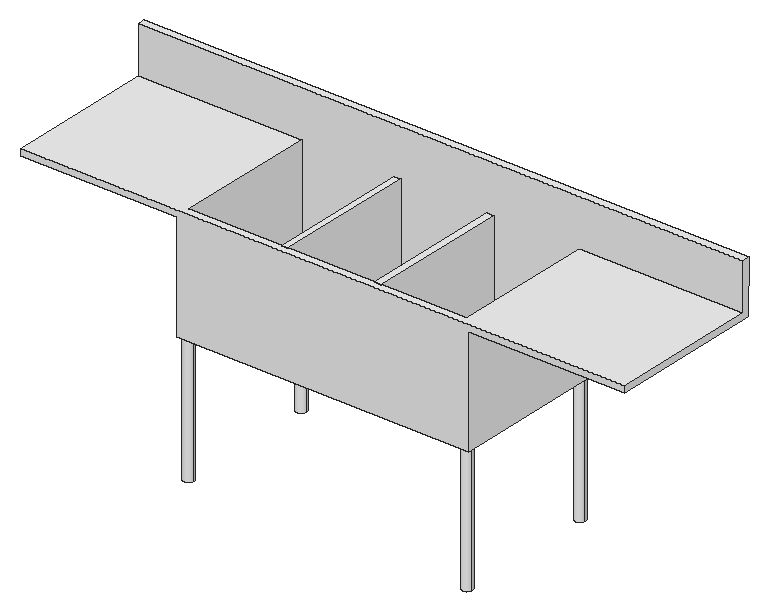
Revit family "224200 - Commercial Plumbing Fixtures - 3 Compartment Sink", category Plumbing Fixtures, Revit 2017
Family settings
  Round Connector Dimension = Use Diameter
  Part Type = Normal
  Work Plane-Based = No
  Always vertical = Yes
  Cut with Voids When Loaded = No
  Shared = No
  Room Calculation Point = No
Parameters (values of type "one")
  Width = 1' - 11"
  Material = stainless
  Length = 7' - 6"
  Inset - sides = 1' - 11.26409"
  Inset - front/back = 0' - 1"
  Height = 3' - 0"
Reference planes (in)
  plane 1 "Center (Front/Back)": y = 0
  plane 2: z = 0
  plane 3 "Center (Left/Right)": x = 0
  plane 4: y = 23
  plane 5: x = -90
  plane 6: y = 22
  plane 7: y = 1
  plane 8: x = -23.26409
  plane 9: x = -66.73591
  plane 10: x = -65.73591
  plane 11: x = -24.26409
  plane 12: x = -51.91197
  plane 13: x = -38.08803
  plane 14: x = -50.91197
  plane 15: x = -37.08803
  plane 16: x = -58.82394
  plane 17: x = -44.5
  plane 18: x = -30.67606
  plane 19: y = 11.5
  plane 20: z = 36
  plane 21: z = 20
  plane 22: z = 19
Forms (in)
  Extrusion 1, solid, material "stainless" <- "Material"
    sketch origin (0.75, -11, 0) x (1, 0, 0) y (0, 1, 0)
      loop
        line (-24.01409, 34) -> (-67.48591, 34) -> (-67.48591, 11) -> (-24.01409, 11) -> (-24.01409, 34)
    from 19 to 36
  Extrusion 2, void
    sketch origin (0.75, -11, 0) x (1, 0, 0) y (0, 1, 0)
      loop
        line (-66.48591, 33) -> (-66.48591, 12) -> (-25.01409, 12) -> (-25.01409, 33) -> (-66.48591, 33)
    from 20 to 36
  Extrusion 3, solid, material "stainless" <- "Material"
    sketch origin (-105.57325, -180, 36) x (-1, 0, 0) y (0, -1, 0)
      loop
        line (-15.57325, -180) -> (-38.83734, -180) -> (-38.83734, -202) -> (-82.30916, -202) -> (-82.30916, -180) -> (-105.57325, -180) -> (-105.57325, -203) -> (-15.57325, -203) -> (-15.57325, -180)
    from 0 to -1
  Extrusion 4, solid, material "stainless" <- "Material"
    sketch origin (-1.25, -11, 18) x (1, 0, 0) y (0, 1, 0)
      loop
        line (-50.66197, 33) -> (-50.66197, 12) -> (-49.66197, 12) -> (-49.66197, 33) -> (-50.66197, 33)
    from 2 to 18
  Extrusion 5, solid, material "stainless" <- "Material"
    sketch origin (17.5, -11, 0) x (1, 0, 0) y (0, 1, 0)
      loop
        line (-55.58803, 33) -> (-55.58803, 12) -> (-54.58803, 12) -> (-54.58803, 33) -> (-55.58803, 33)
    from 20 to 36
  Extrusion 6, solid, material "stainless" <- "Material"
    sketch origin (56, -11, 0) x (1, 0, 0) y (0, 1, 0)
      loop
        circle (-80.26409, 33) r 0.75
      loop
        circle (-80.26409, 12) r 0.75
      loop
        circle (-121.73591, 12) r 0.75
      loop
        circle (-121.73591, 33) r 0.75
    from 19 to 0
  Extrusion 7, solid, material "stainless" <- "Material"
    sketch origin (-105.57325, -180, 36) x (-1, 0, 0) y (0, -1, 0)
      loop
        line (-15.57325, -203) -> (-15.57325, -202) -> (-105.57325, -202) -> (-105.57325, -203) -> (-15.57325, -203)
    from -1 to 7
  Extrusion 8, void
    sketch origin (-7.22323, -11.29189, 0) x (1, 0, 0) y (0, 1, 0)
      loop
        circle (-51.60071, 22.79189) r 1.5
    from 0 to 20
  Extrusion 9, void
    sketch origin (21.48481, 35.29189, 0) x (1, 0, 0) y (0, 1, 0)
      loop
        circle (-65.98481, -23.79189) r 1.5
    from 0 to 20
  Extrusion 10, void
    sketch origin (35.30876, 35.29189, 0) x (1, 0, 0) y (0, 1, 0)
      loop
        circle (-65.98481, -23.79189) r 1.5
    from 0 to 20
Cuts and joins
  Extrusion 2, Extrusion 8, Extrusion 9, Extrusion 10 cuts Extrusion 1
  joined: Extrusion 1, Extrusion 3, Extrusion 7
Dimensions and locks (in)
  "Length": plane 5 to plane 3 "Center (Left/Right)"
  "Width": plane 1 "Center (Front/Back)" to plane 4
  locked: Extrusion 7 sketch curve to Extrusion 7 sketch curve at 1
  "Inset - sides": plane 5 to plane 9
  "Inset - sides": plane 8 to plane 3 "Center (Left/Right)"
  "Inset - front/back": plane 7 to plane 1 "Center (Front/Back)"
  "Inset - front/back": plane 4 to plane 6
  "Inset - front/back": plane 11 to plane 8
  "Inset - front/back": plane 9 to plane 10
  equal spacing: plane 10, plane 12, plane 13, plane 11
  plane 14 to plane 15 = 1' - 1.82394"
  "Inset - front/back": plane 12 to plane 14
  "Inset - front/back": plane 13 to plane 15
  equal spacing: plane 1 "Center (Front/Back)", plane 19, plane 4
  equal spacing: plane 10, plane 16, plane 12
  equal spacing: plane 14, plane 17, plane 13
  equal spacing: plane 15, plane 18, plane 11
  "Height": plane 20 to plane 2
  plane 20 to plane 21 = 1' - 4"
  "Inset - front/back": plane 21 to plane 22
  aligned and locked: Extrusion 3 to plane 5
  aligned and locked: Extrusion 7 to plane 5
  aligned and locked: Extrusion 7 to plane 4
  aligned and locked: Extrusion 3 to plane 4
  aligned and locked: Extrusion 3 to plane 6
  aligned and locked: plane 9 to Extrusion 3
  aligned and locked: Extrusion 3 to plane 8
  aligned and locked: Extrusion 1 to Extrusion 3
  aligned and locked: cut or joined group of Extrusion 1, Extrusion 2, Extrusion 3, Extrusion 7, Extrusion 8, Extrusion 9, Extrusion 10 to plane 4
  aligned and locked: plane 8 to cut or joined group of Extrusion 1, Extrusion 2, Extrusion 3, Extrusion 7, Extrusion 8, Extrusion 9, Extrusion 10
  aligned and locked: cut or joined group of Extrusion 1, Extrusion 2, Extrusion 3, Extrusion 7, Extrusion 8, Extrusion 9, Extrusion 10 to plane 10
  aligned and locked: plane 6 to cut or joined group of Extrusion 1, Extrusion 2, Extrusion 3, Extrusion 7, Extrusion 8, Extrusion 9, Extrusion 10
  aligned and locked: plane 11 to cut or joined group of Extrusion 1, Extrusion 2, Extrusion 3, Extrusion 7, Extrusion 8, Extrusion 9, Extrusion 10
  aligned and locked: plane 6 to Extrusion 5
  aligned and locked: plane 6 to Extrusion 4
  aligned and locked: Extrusion 4 to plane 12
  aligned and locked: Extrusion 5 to plane 13
  aligned and locked: plane 15 to Extrusion 5
  aligned and locked: plane 16 to Extrusion 8 sketch curve
  aligned and locked: plane 17 to Extrusion 9 sketch curve
  aligned and locked: plane 18 to Extrusion 10 sketch curve
  aligned and locked: plane 19 to Extrusion 8 sketch curve
  aligned and locked: plane 19 to Extrusion 9 sketch curve
  aligned and locked: plane 19 to Extrusion 10 sketch curve
  aligned and locked: plane 6 to Extrusion 6 sketch curve
  aligned and locked: plane 11 to Extrusion 6 sketch curve
  aligned and locked: cut or joined group of Extrusion 1, Extrusion 2, Extrusion 3, Extrusion 7, Extrusion 8, Extrusion 9, Extrusion 10 to Extrusion 4
  aligned and locked: cut or joined group of Extrusion 1, Extrusion 2, Extrusion 3, Extrusion 7, Extrusion 8, Extrusion 9, Extrusion 10 to Extrusion 5
  aligned and locked: plane 20 to cut or joined group of Extrusion 1, Extrusion 2, Extrusion 3, Extrusion 7, Extrusion 8, Extrusion 9, Extrusion 10  (x2)
  aligned and locked: plane 20 to Extrusion 5
  aligned and locked: Extrusion 2 to plane 21
  aligned and locked: plane 21 to cut or joined group of Extrusion 1, Extrusion 2, Extrusion 3, Extrusion 7, Extrusion 8, Extrusion 9, Extrusion 10  (x3)
  aligned and locked: cut or joined group of Extrusion 1, Extrusion 2, Extrusion 3, Extrusion 7, Extrusion 8, Extrusion 9, Extrusion 10 to plane 22
  aligned and locked: plane 22 to Extrusion 6
  aligned and locked: Extrusion 6 to level
Automatic sketch dimensions
  Extrusion 1 sketch curve to plane 1 "Center (Front/Back)" = 0' - 0"
  plane 4 to Extrusion 1 sketch curve = 0' - 0"
  plane 5 to Extrusion 1 sketch curve = 1' - 11.26409"
  Extrusion 1 sketch curve to plane 3 "Center (Left/Right)" = 1' - 11.26409"
  Extrusion 2 sketch curve to plane 1 "Center (Front/Back)" = 0' - 1"
  plane 5 to Extrusion 2 sketch curve = 2' - 0.26409"
  Extrusion 2 sketch curve to plane 3 "Center (Left/Right)" = 2' - 0.26409"
  plane 4 to Extrusion 2 sketch curve = 0' - 1"
  Extrusion 4 sketch curve to plane 1 "Center (Front/Back)" = 0' - 1"
  plane 5 to Extrusion 4 sketch curve = 3' - 2.08803"
  Extrusion 4 sketch curve to Extrusion 4 sketch curve = 0' - 1"
  plane 4 to Extrusion 4 sketch curve = 0' - 1"
  Extrusion 5 sketch curve to plane 1 "Center (Front/Back)" = 0' - 1"
  Extrusion 5 sketch curve to plane 3 "Center (Left/Right)" = 3' - 2.08803"
  Extrusion 5 sketch curve to Extrusion 5 sketch curve = 0' - 1"
  plane 4 to Extrusion 5 sketch curve = 0' - 1"
  Extrusion 6 sketch curve to plane 7 = 0' - 0"  (x2)
  Extrusion 6 sketch curve to plane 10 = 0' - 0"  (x2)
  Extrusion 6 sketch curve to plane 6 = 0' - 0"
  Extrusion 6 sketch curve to plane 11 = 0' - 0"
  plane 1 "Center (Front/Back)" to Extrusion 3 sketch curve = 0' - 0"
  Extrusion 3 sketch curve to plane 3 "Center (Left/Right)" = 0' - 0"
  Extrusion 3 sketch curve to plane 8 = 0' - 0"
  Extrusion 3 sketch curve to plane 6 = 0' - 0"
  Extrusion 3 sketch curve to plane 9 = 0' - 0"
  plane 4 to Extrusion 3 sketch curve = 0' - 0"
  Extrusion 3 sketch curve to plane 5 = 0' - 0"
  Extrusion 3 sketch curve to plane 1 "Center (Front/Back)" = 0' - 0"
  Extrusion 7 sketch curve to plane 3 "Center (Left/Right)" = 0' - 0"
  Extrusion 7 sketch curve to plane 5 = 0' - 0"
  plane 4 to Extrusion 7 sketch curve = 0' - 0"
  radius of Extrusion 8 sketch curve = 0' - 1 1/2"
  radius of Extrusion 9 sketch curve = 0' - 1 1/2"
  radius of Extrusion 10 sketch curve = 0' - 1 1/2"
  radius of Extrusion 6 sketch curve = 0' - 0 3/4"  (x4)
